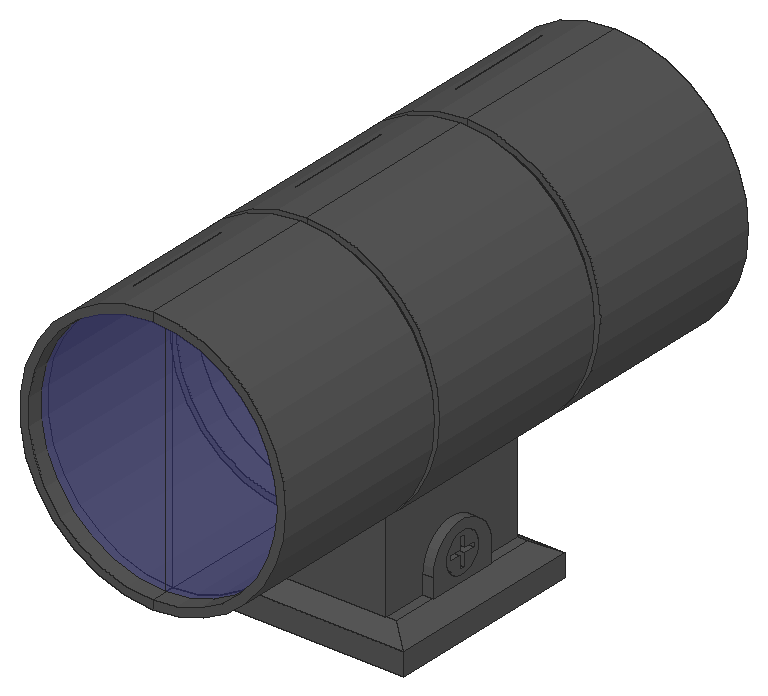
Revit family "CARLO CYLINDER LIGHT WALL MOUNT", category Lighting Fixtures, host Face, Revit 2020 (continued)
Parameters (values of type "CCL6-13-35SPSW8-PC-25-WM-BK")
    42.18 371.15 397.4 420.65 440.51 455.99 464.94 \r\n 470.58 475.44 479.5 483.77 487.74 491.12 494.26 497.4 500.59 504.01 \r\n 507.44 510.69 513.91 517.28 520.55 523.34 526.12 529.23 532.62 536.26 \r\n 540.39 545.2 550.78 557.21 564.72 573.48 583.74 595.5 609.74 627.36 \r\n 648.53 673.55 703 737.21 777.25 822.68 878.22 950.28 1033.4 1123.9 \r\n 1223.3 1330.4 1450.3 1588.7 1742.2 1909.4 2089.2 2282.7 2482.4 2680 \r\n 2878.8 3080.2 3282 3483.7 3682 3873.5 4057.9 4234.8 4401.6 4553.9 \r\n 4696.5 4835.5 4963.1 5073.2 5168.3 5248.4 5315.5 5370.9 5416 5452.4 \r\n 5509.6 \r\n5444.5 5347 5282 5208.3 5122.2 5019.4 4902.5 4772.8 4630 4474.8 \r\n 4306.1 4122.2 3926 3717.7 3503.2 3288.4 3073.7 2861.6 2652.2 2445.3 \r\n 2244.1 2051.4 1868.4 1695.9 1538.3 1400.1 1281.3 1187.8 1106.9 1026.3 \r\n 949.82 874.87 808.87 761.12 723.4 690.34 662.64 639.52 620.05 603 \r\n 588.54 576.62 566.63 557.94 550.51 544.19 538.77 534.02 529.76 525.6 \r\n 521.83 518.77 515.89 512.66 509.4 506.26 503.18 500.12 497.2 494.62 \r\n 492.19 489.82 487.5 485.25 483.01 480.89 478.43 475.05 471.16 467.4 \r\n 462.46 455.99 445.67 428.18 406.09 380.61 352.59 323.18 292.79 262.23 \r\n 231.44 200.29 169.88 140.79 114.56 93.602 75.909 59.306 46.697 41.915 \r\n 40.003 36.832 33.747 30.609 27.75 25.512 23.731 22.466 21.386 20.093 \r\n 18.837 17.783 16.787 15.739 14.698 13.688 12.713 11.787 10.902 10.058 \r\n 9.2446 8.4458 7.6844 6.9749 6.3268 5.7583 5.2583 4.8257 4.4497 4.124 \r\n 3.8343 3.5598 3.3132 3.1027 2.9206 2.765 2.6265 2.4935 2.3712 2.2624 \r\n 2.1631 2.0704 1.9844 1.9047 1.8303 1.7602 1.6942 1.633 1.5736 1.5126 \r\n 1.4521 1.3935 1.3362 1.2798 1.2247 1.1709 1.1188 1.0698 1.0205 0.96595 \r\n 0.9115 0.86132 0.81385 0.76948 0.72653 0.68315 0.64019 0.59715 0.55616 0.51965 \r\n 0.48623 0.45611 0.4269 0.39609 0.36435 0.33302 0.30119 0.26746 0.23467 0.20643 \r\n 0.17908 0.15041 0.11974 0.083213 0.048094 0.019569 0 0 0 0 \r\n 0 0 0 0 0 0.0016281 0.014796 0.058666 0.10711 0.13574 \r\n 0.15854 0.18224 0.20427 0.22255 0.24226 0.26963 0.29938 0.32829 0.35782 0.38838 \r\n 0.41978 0.45169 0.48486 0.52021 0.55694 0.59327 0.63305 0.68193 0.73283 0.77916 \r\n 0.82512 0.87269 0.92188 0.9744 1.0271 1.0761 1.1257 1.1799 1.2362 1.2929 \r\n 1.3524 1.4178 1.4855 1.5523 1.6203 1.689 1.7622 1.8443 1.9329 2.0252 \r\n 2.1265 2.2428 2.3687 2.4973 2.6389 2.8016 2.9856 3.1924 3.4266 3.6918 \r\n 3.9921 4.3288 4.7133 5.1606 5.6613 6.2082 6.8101 7.4831 8.1982 8.9195 \r\n 9.684 10.531 11.417 12.294 13.205 14.173 15.199 16.301 17.458 18.631 \r\n 19.904 21.295 22.957 25.132 27.576 30.163 32.78 35.151 37.637 40.477 \r\n 43.763 46.029 52.184 68.567 89.423 110.89 133.63 156.42 181.15 210.17 \r\n 240.94 271.73 302.48 332.87 361.92 388.62 412.63 433.66 450.61 461.38 \r\n 468.59 473.92 478.05 482.43 486.45 489.84 492.99 496.19 499.42 502.85 \r\n 506.26 509.43 512.58 515.98 519.35 522.4 525.43 528.61 532.04 535.82 \r\n 540.04 544.82 550.23 556.28 563.28 571.46 581.08 592.18 605.58 622.06 \r\n 641.82 665.12 692.53 724.31 761.63 803.69 856.71 929.86 1013.5 1100.3 \r\n 1192.9 1288.6 1396.9 1528.1 1676.4 1840.1 2017.1 2206.8 2403.1 2598.3 \r\n 2796 2998.6 3202.8 3406.9 3607.9 3802.4 3990.6 4173 4345.5 4502.4 \r\n 4649.4 4792.5 4925 5041.7 5143.3 5227.6 5298.5 5358.5 5408.2 5449.4 \r\n 5509.6 \r\n5444.5 5346.9 5281.9 5208.7 5123.2 5020.9 4904.5 4775.4 4633.5 4479.5 \r\n 4311.8 4127.5 3931.1 3724.6 3512.5 3299.4 3086.5 2876.5 2668.5 2461 \r\n 2258.6 2064.9 1880.8 1707.1 1548.1 1409.5 1289 1188.9 1101.3 1018.3 \r\n 942.35 871.91 810.51 762.82 723.96 690.64 662.78 639.52 619.91 602.6 \r\n 587.87 575.75 565.6 556.82 549.34 542.98 537.47 532.46 527.91 523.57 \r\n 519.68 516.57 513.69 510.52 507.31 504.15 501.03 497.91 494.98 492.48 \r\n 490.14 487.7 485.35 483.25 481.15 478.97 476.4 473.06 469.18 465.37 \r\n 460.12 452.7 441.28 422.92 400.19 374.41 346.29 316.76 286.37 256.07 \r\n 225.66 194.86 164.88 136.51 110.79 89.126 71.147 56.786 46.562 42.146 \r\n 40.013 36.814 33.683 30.538 27.676 25.411 23.6 22.315 21.223 19.936 \r\n 18.689 17.637 16.641 15.596 14.559 13.554 12.582 11.652 10.766 9.9327 \r\n 9.1344 8.3483 7.5965 6.8876 6.2399 5.6816 5.1918 4.7594 4.3828 4.0634 \r\n 3.7812 3.5123 3.2696 3.0602 2.8779 2.7216 2.5821 2.4485 2.3256 2.2161 \r\n 2.1163 2.0235 1.9375 1.8574 1.783 1.7137 1.6489 1.5893 1.531 1.4686 \r\n 1.4066 1.3478 1.2906 1.234 1.1789 1.1254 1.0739 1.0264 0.97847 0.924 \r\n 0.86975 0.82154 0.77599 0.73202 0.68862 0.64338 0.59944 0.55947 0.52242 0.48803 \r\n 0.45658 0.4297 0.40309 0.37183 0.33951 0.30941 0.27906 0.24577 0.21352 0.18697 \r\n 0.16141 0.13399 0.10375 0.06463 0.029078 0.0098721 0 0 0 0 \r\n 0 0 0 0 0 0 0.0078068 0.055564 0.10947 0.1415 \r\n 0.16643 0.19003 0.21127 0.22972 0.24945 0.27588 0.30465 0.33355 0.36402 0.39725 \r\n 0.43183 0.46631 0.50195 0.54009 0.579 0.61586 0.65518 0.70239 0.75186 0.79869 \r\n 0.84614 0.89652 0.94779 0.99855 1.0492 1.099 1.1499 1.2037 1.2593 1.315 \r\n 1.3737 1.4391 1.5067 1.5722 1.6385 1.7062 1.7779 1.8567 1.9422 2.0344 \r\n 2.1352 2.2475 2.3682 2.4926 2.6287 2.7821 2.9555 3.1507 3.3755 3.6405 \r\n 3.9384 4.2591 4.6222 5.0432 5.5236 6.0756 6.6818 7.3292 8.0162 8.7283 \r\n 9.4904 10.34 11.224 12.082 12.977 13.969 15.01 16.063 17.167 18.345 \r\n 19.607 20.918 22.448 24.398 26.644 29.212 31.852 34.191 36.631 39.444 \r\n 42.646 44.616 50.536 67.28 88.149 108.28 129.03 149.13 171.61 200.37 \r\n 231.59 262.82 293.98 324.4 353.48 380.58 405.26 427.28 445.48 458.05 \r\n 466.83 472.6 476.77 481.2 485.21 488.59 491.72 494.91 498.13 501.55 \r\n 504.92 507.97 511.04 514.47 517.95 521.26 524.56 527.86 531.38 535.32 \r\n 539.67 544.45 549.72 555.43 561.97 569.64 578.68 589.19 601.85 617.28 \r\n 635.72 657.41 682.91 712.35 747.18 786.48 837.43 911.26 994.94 1078 \r\n 1164.1 1249 1346.3 1470.5 1613.7 1773.9 1948 2133.6 2326.2 2519.1 \r\n 2716 2919.9 3126.4 3332.6 3536.2 3733.4 3925.1 4112.9 4291.2 4452.7 \r\n 4604 4751.1 4888 5011 5118.9 5207.4 5281.9 5346.4 5400.7 5446.5 \r\n 5509.6 \r\n5444.5 5350.8 5286.3 5214.1 5129.7 5028.1 4912.5 4784.5 4643.7 4491.1 \r\n 4324.7 4140.4 3944.3 3739.8 3530.1 3318.9 3107.7 2899.9 2693.4 2485.5 \r\n 2281.7 2086.5 1900.7 1725.2 1564.5 1424.9 1302.1 1194.8 1100.1 1014.4 \r\n 938.42 872.07 814.92 766.96 726.69 692.87 664.64 641.07 621.16 603.5 \r\n 588.42 576 565.61 556.67 549.07 542.62 536.97 531.68 526.83 522.31 \r\n 518.29 515.09 512.17 509.02 505.84 502.67 499.52 496.35 493.38 490.95 \r\n 488.67 486.15 483.74 481.78 479.82 477.58 474.94 471.66 467.82 463.99 \r\n 458.46 450.11 437.65 418.65 395.5 369.58 341.45 311.85 281.5 251.42 \r\n 221.33 190.82 161.2 133.47 108.15 85.648 67.233 54.9 46.84 42.597 \r\n 40.103 36.855 33.697 30.55 27.683 25.38 23.525 22.21 21.1 19.819 \r\n 18.585 17.531 16.531 15.489 14.456 13.455 12.485 11.551 10.663 9.8397 \r\n 9.0544 8.2786 7.5342 6.8257 6.1781 5.6275 5.1449 4.7109 4.3321 4.0169 \r\n 3.7404 3.4762 3.237 3.0284 2.8454 2.6878 2.5468 2.4122 2.2884 2.1779 \r\n 2.0773 1.984 1.8977 1.8171 1.7423 1.6736 1.6097 1.5511 1.4932 1.4296 \r\n 1.3662 1.3072 1.2501 1.1933 1.1381 1.0848 1.0338 0.98747 0.94064 0.88637 \r\n 0.8325 0.78627 0.74257 0.69875 0.65475 0.60802 0.56344 0.52626 0.49277 0.46052 \r\n 0.43094 0.40641 0.38159 0.35008 0.31751 0.28872 0.25989 0.22712 0.1954 0.17025 \r\n 0.1461 0.11964 0.089605 0.04782 0.01164 0.00094735 0 0 0 0 \r\n 0 0 0 0 0 0 0.00282 0.053668 0.1119 0.14688 \r\n 0.17376 0.19728 0.21798 0.23707 0.25727 0.28273 0.31036 0.3391 0.37039 0.40624 \r\n 0.44391 0.48063 0.5184 0.55924 0.60029 0.63769 0.67654 0.72211 0.77013 0.81725 \r\n 0.86593 0.91888 0.97208 1.0212 1.0699 1.1208 1.1729 1.2265 1.2813 1.3362 \r\n 1.3942 1.4595 1.5268 1.5911 1.6561 1.7228 1.7933 1.8693 1.9522 2.0444 \r\n 2.1449 2.2534 2.3693 2.4902 2.6216 2.7668 2.9307 3.1159 3.3326 3.5977 \r\n 3.8937 4.2 4.5435 4.9406 5.4023 5.9594 6.5698 7.1936 7.855 8.5616 \r\n 9.324 10.174 11.055 11.895 12.777 13.791 14.848 15.857 16.912 18.094 \r\n 19.351 20.605 22.027 23.762 25.814 28.357 31.019 33.343 35.757 38.526 \r\n 41.671 43.584 49.422 66.186 86.736 105.68 124.77 142.66 163.33 191.93 \r\n 223.61 255.22 286.75 317.19 346.32 373.78 399.05 421.84 441.09 455.27 \r\n 465.49 471.65 475.8 480.23 484.18 487.5 490.57 493.69 496.84 500.2 \r\n 503.51 506.44 509.41 512.85 516.44 519.98 523.53 526.97 530.61 534.71 \r\n 539.18 543.98 549.15 554.58 560.73 567.96 576.5 586.53 598.54 613.04 \r\n 630.28 650.52 674.29 701.6 734.2 771.3 820.48 894.17 977.02 1056.4 \r\n 1136.6 1212.3 1300.1 1418 1556.3 1713.1 1884.1 2065.7 2254.7 2445.8 \r\n 2642.3 2847.3 3055.7 3263.7 3469.4 3669.1 3864.1 4056.9 4240.6 4406.8 \r\n 4562.4 4713.2 4854 4982.8 5096.5 5189 5267.1 5335.6 5394.3 5444.3 \r\n 5509.6 \r\n5444.5 5365.3 5301.6 5230.5 5147.3 5046.4 4931.5 4804.4 4664.6 4513.2 \r\n 4347.7 4164.2 3968.9 3765.8 3557.6 3347.8 3138 2931.6 2726.2 2518.5 \r\n 2314 2116.3 1927.7 1750.3 1587.8 1446.3 1320.8 1208.2 1108.3 1019.6 \r\n 942.49 877.57 822.18 773.85 732.63 698.12 669.24 645.15 624.8 606.77 \r\n 591.36 578.6 567.89 558.71 550.9 544.25 538.39 532.85 527.77 523.1 \r\n 518.96 515.63 512.59 509.34 506.11 502.97 499.85 496.6 493.56 491.2 \r\n 488.98 486.4 483.93 482.12 480.33 478.12 475.51 472.36 468.64 464.88 \r\n 459.19 450.11 436.84 417.36 393.89 367.76 339.47 309.65 279.11 249.01 \r\n 218.94 188.43 158.82 131.2 105.89 82.864 64.272 53.345 46.773 42.685 \r\n 39.999 36.799 33.709 30.632 27.808 25.464 23.543 22.177 21.034 19.759 \r\n 18.54 17.477 16.469 15.429 14.402 13.402 12.434 11.498 10.61 9.7961 \r\n 9.0203 8.2475 7.5046 6.7989 6.1541 5.6067 5.1261 4.6905 4.3101 3.9968 \r\n 3.7233 3.4619 3.2249 3.0168 2.8334 2.6751 2.5332 2.3982 2.274 2.1626 \r\n 2.061 1.967 1.8802 1.7989 1.7236 1.6549 1.5909 1.5316 1.4729 1.4088 \r\n 1.3449 1.2858 1.2287 1.1718 1.1165 1.0631 1.0121 0.96583 0.91925 0.86525 \r\n 0.81196 0.76729 0.7249 0.68061 0.63587 0.5892 0.54506 0.50871 0.47631 0.44556 \r\n 0.41707 0.39199 0.3664 0.33499 0.30309 0.27592 0.24858 0.21626 0.18478 0.16043 \r\n 0.13703 0.11093 0.080825 0.03749 0.0010498 0 0 0 0 0 \r\n 0 0 0 0 0 0 0 0.050992 0.11003 0.14632 \r\n 0.1744 0.19796 0.21873 0.23936 0.26079 0.28536 0.31159 0.33981 0.3714 0.40935 \r\n 0.44924 0.48643 0.52451 0.56696 0.6095 0.64704 0.68551 0.73048 0.77787 0.82452 \r\n 0.87316 0.92721 0.98139 1.0297 1.0777 1.1294 1.1826 1.2363 1.2908 1.3456 \r\n 1.4033 1.468 1.5347 1.5989 1.6637 1.7303 1.8003 1.8749 1.9565 2.0486 \r\n 2.1487 2.2549 2.3682 2.4873 2.6164 2.7568 2.915 3.0946 3.3062 3.5687 \r\n 3.8605 4.1563 4.4869 4.8698 5.3198 5.8747 6.4829 7.0931 7.7425 8.4522 \r\n 9.2184 10.06 10.931 11.764 12.643 13.666 14.725 15.71 16.736 17.911 \r\n 19.154 20.366 21.714 23.3 25.213 27.722 30.383 32.704 35.098 37.798 \r\n 40.848 42.78 48.365 64.024 83.34 101.53 120.12 137.7 158.27 187.07 \r\n 219.04 250.87 282.61 313.25 342.64 370.52 396.3 419.64 439.55 454.71 \r\n 465.76 472.07 476.1 480.38 484.13 487.29 490.18 493.06 496 499.26 \r\n 502.5 505.27 508.11 511.57 515.22 518.81 522.42 525.98 529.74 533.92 \r\n 538.42 543.21 548.31 553.61 559.57 566.55 574.78 584.47 596.02 609.81 \r\n 626.14 645.26 667.7 693.47 724.4 759.93 807.16 877.9 957.34 1033.2 \r\n 1109.8 1181.7 1265.6 1379.2 1513.5 1666.8 1834.7 2013.1 2199.9 2391.4 \r\n 2589.1 2794.7 3003.6 3212.2 3418.8 3620.5 3818.4 4015.3 4203.6 4374.4 \r\n 4534.2 4688 4831.8 4964.4 5082 5178.6 5260.5 5332.2 5393.8 5446.9 \r\n 5509.6 \r\n5444.5 5389.5 5326.9 5257 5174.8 5074.5 4960.1 4833.9 4695.1 4544.2 \r\n 4379.5 4197.5 4003.7 3801.2 3593.6 3384.6 3175.6 2970 2765.2 2558.3 \r\n 2353.6 2153 1960.8 1781.4 1617 1472.8 1344.2 1228.5 1125.5 1034.1 \r\n 954.75 888.46 832.18 783.25 741.5 706.13 676.37 651.56 630.63 612.24 \r\n 596.54 583.41 572.33 562.83 554.72 547.77 541.65 535.91 530.67 525.89 \r\n 521.65 518.15 514.93 511.48 508.1 505.03 502 498.66 495.52 493.2 \r\n 491.05 488.41 485.91 484.24 482.64 480.56 478.07 475.11 471.56 467.96 \r\n 462.24 452.66 438.8 419 395.26 368.83 340.19 309.97 279.05 248.66 \r\n 218.32 187.51 157.58 129.56 103.93 80.786 62.334 52.107 46.258 42.34 \r\n 39.684 36.638 33.706 30.776 28.045 25.659 23.652 22.218 21.024 19.754 \r\n 18.55 17.475 16.451 15.413 14.392 13.393 12.424 11.491 10.607 9.7994 \r\n 9.029 8.2521 7.5051 6.805 6.1664 5.6175 5.1336 4.6968 4.3158 4.0026 \r\n 3.7295 3.4687 3.2323 3.0244 2.8412 2.6828 2.541 2.4063 2.2823 2.1701 \r\n 2.0674 1.9726 1.885 1.8032 1.7275 1.6581 1.5931 1.5314 1.4707 1.4067 \r\n 1.3435 1.2844 1.2272 1.1703 1.1148 1.0611 1.0095 0.96243 0.9152 0.8615 \r\n 0.80891 0.76526 0.72354 0.67824 0.63265 0.58759 0.54496 0.50741 0.47352 0.44347 \r\n 0.41521 0.38685 0.3581 0.32696 0.29656 0.27119 0.24528 0.21334 0.18188 0.15776 \r\n 0.13447 0.10799 0.077723 0.035315 0 0 0 0 0 0 \r\n 0 0 0 0 0 0 0 0.047786 0.10362 0.13947 \r\n 0.16801 0.19171 0.21315 0.23612 0.25949 0.28331 0.30798 0.33537 0.36676 0.40611 \r\n 0.44716 0.48299 0.51952 0.56236 0.6056 0.64293 0.68115 0.72662 0.77425 0.81971 \r\n 0.86701 0.92066 0.97482 1.0234 1.0718 1.1241 1.1779 1.232 1.287 1.3422 \r\n 1.4001 1.4636 1.5295 1.5945 1.6606 1.7277 1.7979 1.8727 1.9541 2.0459 \r\n 2.1454 2.2511 2.3639 2.4832 2.6122 2.7513 2.9079 3.0863 3.2955 3.5525 \r\n 3.8378 4.1272 4.4518 4.8308 5.276 5.8208 6.4201 7.0277 7.6791 8.3998 \r\n 9.173 9.9979 10.851 11.689 12.575 13.59 14.64 15.621 16.641 17.796 \r\n 19.012 20.196 21.502 23.009 24.843 27.307 29.943 32.272 34.653 37.267 \r\n 40.179 42.152 47.273 60.747 77.976 95.876 115.11 134.28 156.49 185.8 \r\n 217.89 249.75 281.54 312.54 342.4 370.74 396.95 420.63 440.83 456.29 \r\n 467.52 473.75 477.57 481.58 485.01 487.92 490.53 493.02 495.61 498.73 \r\n 501.88 504.46 507.16 510.63 514.3 517.73 521.21 524.87 528.74 532.9 \r\n 537.34 542.07 547.14 552.44 558.41 565.32 573.42 582.91 594.14 607.46 \r\n 623.17 641.51 663.04 687.86 717.65 752.17 797.2 862.25 935.81 1008.4 \r\n 1083.5 1157.2 1242.7 1354.4 1485.5 1635.2 1799.9 1976 2162.1 2356.1 \r\n 2556.5 2762.1 2970.2 3178 3384.6 3587.8 3788.2 3988.2 4180.1 4355.2 \r\n 4519.2 4675.5 4821.2 4955.4 5075.2 5175.8 5261.8 5335.6 5398.8 5453.7 \r\n 5509.6 \r\n5444.5 5415.2 5353.9 5285.3 5204.3 5105 4991.4 4866.2 4728.4 4578.1 \r\n 4414.3 4234.2 4042.3 3840.6 3633.4 3425.2 3217 3011.9 2807.5 2601.5 \r\n 2396.8 2193.2 1997.5 1816.2 1649.8 1502.3 1370.3 1252 1146.6 1052.8 \r\n 971.13 902.65 844.51 794.42 751.75 715.3 684.55 658.91 637.31 618.5 \r\n 602.48 588.93 577.45 567.59 559.15 551.88 545.48 539.56 534.2 529.33 \r\n 524.99 521.31 517.88 514.21 510.68 507.67 504.72 501.29 498.05 495.77 \r\n 493.66 490.95 488.41 486.84 485.38 483.41 481.06 478.27 474.88 471.44 \r\n 465.73 455.75 441.43 421.44 397.55 370.87 341.94 311.36 280.05 249.31 \r\n 218.63 187.44 157.14 128.75 102.87 79.745 61.455 51.465 45.847 42.001 \r\n 39.4 36.508 33.746 30.974 28.343 25.913 23.814 22.304 21.053 19.785 \r\n 18.595 17.503 16.462 15.426 14.41 13.409 12.438 11.509 10.63 9.827 \r\n 9.0587 8.2761 7.5241 6.8304 6.1982 5.6451 5.1553 4.7167 4.3349 4.0204 \r\n 3.7462 3.4847 3.2479 3.0399 2.8568 2.6984 2.5566 2.4225 2.2987 2.1858 \r\n 2.082 1.9862 1.8977 1.8155 1.7392 1.669 1.6028 1.5385 1.4755 1.4118 \r\n 1.3494 1.2904 1.233 1.1762 1.1206 1.0665 1.0143 0.96607 0.91799 0.86458 \r\n 0.81266 0.76972 0.72835 0.68191 0.63552 0.59246 0.55159 0.51233 0.47628 0.44652 \r\n 0.41808 0.38577 0.35328 0.32247 0.2937 0.26999 0.24533 0.21391 0.18259 0.15852 \r\n 0.13507 0.1081 0.077388 0.035089 0 0 0 0 0 0 \r\n 0 0 0 0 0 0 0 0.044309 0.096555 0.13145 \r\n 0.16005 0.18391 0.20621 0.2317 0.25722 0.28047 0.30372 0.33036 0.3614 0.40157 \r\n 0.44311 0.47709 0.51164 0.55433 0.59787 0.63505 0.67321 0.71939 0.76738 0.81151 \r\n 0.85722 0.91006 0.96393 1.0129 1.062 1.1148 1.1691 1.2237 1.2792 1.3351 \r\n 1.3932 1.4557 1.5206 1.5866 1.6539 1.7216 1.7923 1.8677 1.9495 2.0408 \r\n 2.1398 2.2454 2.3584 2.4785 2.6083 2.7475 2.9039 3.0828 3.2911 3.5423 \r\n 3.8209 4.1058 4.4272 4.8058 5.2488 5.7819 6.3707 6.9798 7.638 8.3718 \r\n 9.1525 9.9597 10.795 11.641 12.536 13.541 14.578 15.563 16.583 17.715 \r\n 18.904 20.074 21.356 22.807 24.578 26.991 29.593 31.943 34.332 36.87 \r\n 39.662 41.753 46.438 57.526 72.522 90.324 110.56 131.83 156.1 185.97 \r\n 218.09 249.89 281.65 313.01 343.33 372.07 398.62 422.49 442.78 458.26 \r\n 469.42 475.5 479.09 482.8 485.92 488.56 490.88 492.96 495.18 498.15 \r\n 501.2 503.61 506.16 509.63 513.29 516.53 519.84 523.58 527.54 531.63 \r\n 535.97 540.64 545.68 551.05 557.07 563.97 571.99 581.33 592.33 605.28 \r\n 620.49 638.21 659.03 683.14 712.03 745.85 788.79 847.54 914.67 984.1 \r\n 1058.5 1135.5 1224.3 1334.8 1463 1609.2 1770.6 1944.7 2130.4 23
